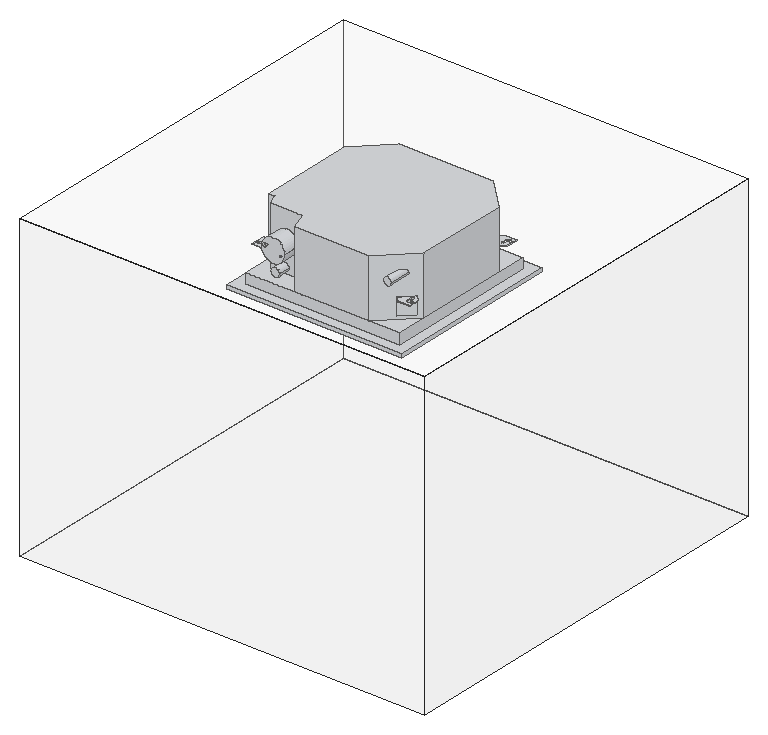
Revit family "pl-rp28_80ga7_60hz", category 機械設備, Revit 2019
Family settings
  丸型コネクタ寸法 = 直径を使用
  パーツ タイプ = 標準
  OmniClass 番号 = 23.75.10.24.21.27.27
  OmniClass タイトル = Split System Air Conditioning Units
  作業面ベース = いいえ
  常に垂直 = はい
  ロード時にボイドで切り取り = いいえ
  共有 = いいえ
  部屋計算ポイント = はい
Parameters (values of type "天井4方向_PL-RP80GA7")
  風量_静 (㎥/min) = 11
  風量_強 (㎥/min) = 15
  風量_弱 (㎥/min) = 12
  風量_中 (㎥/min) = 13.5
  風量 = MAX風量  # 900.0 m³/h
  音響パワーレベル(dB) = [音響パワーレベル_強 (dB)]  # 58
  音響パワーレベル_静 (dB) = 53
  音響パワーレベル_強 (dB) = 58
  音響パワーレベル_弱 (dB) = 54
  音響パワーレベル_中 (dB) = 56
  電源種別 = ""
  電源_H = 0 mm
  電圧 = 0 V
  電動機出力_送風機 = 0.05 kW
  運転質量 = 0.00 kg
  連動 = ""
  質量 = if(製品質量 > 運転質量, 製品質量, 運転質量) * 1.2  # 24.72 kg
  負荷分類 = 3_ファン類
  製品質量_本体 = 17.00 kg
  製品質量_パネル = 3.60 kg
  構成品番 = "PL-RP80GA7"
  ドレン管径 (外径) = 32 mm
  ドレン管径 = 25 mm
  サービススペース = yes
  【値が 0 の項目は組合せ形名にてご確認ください】 = ""
  URL = "https://www.mitsubishielectric.co.jp/ldg/wink/ssl/top.do"
  説明 = "店舗・事務所用パッケージエアコン(Mr.SLIM) [本体]4方向天井カセット形<コンパクトタイプ>"
  設計暖房能力 = 0.00 kW
  設計冷房能力_顕熱 = 0 kW
  設計冷房能力 = 0 kW
  設置方法 = "カセット形"
  記号 = ""
  製造元 = "三菱電機株式会社"
  製品質量 = 製品質量_本体 + 製品質量_パネル  # 20.60 kg
  製品出荷対象 = "国内"
  製品リリース年月 = ""
  製品グループ = ""
  系統 = ""
  符号 = "PAC-CK4"
  積算_科目 = "1 空気調和設備"
  積算_拾い区分 [instance] = ""
  相 = 1
  盤記号 = ""
  発停方法 = "付属スイッチ"
  特殊仕様 = ""
  火災停止 = ""
  消費電力_暖房 = 0.04 kW
  消費電力_冷房 = 0.04 kW
  消費電力 = if(消費電力_冷房 > 消費電力_暖房, 消費電力_冷房, 消費電力_暖房)  # 0.04 kW
  法定耐用年数 = "6"
  極数 = 1
  材質 = ""
  本体マテリアル = none
  有効加湿量 = 0
  暖房能力 = 8.00 kW
  推奨ブレーカー容量 = 0 A
  形式_加湿器 = ""
  形式 = "カセット形（4方向吹出形）"
  幹線記号 = ""
  始動方式 = "直入"
  呼称 = "パッケージ形空気調和機_室内機"
  周波数 = 60 Hz
  吊り位置Y = 507 mm
  吊り位置X = 640 mm
  吊りボルト_H = 134 mm
  台数_手元リモコン = ""
  台数_冷媒分岐ユニット = ""
  参照している仕様書等のバージョン = "公共建築工事標準仕様書（機械設備工事編）平成31年度版"
  加湿給水管径 = 0 mm
  分類コード = "5.0053E+13"
  分類グループ = ""
  冷房能力 = 7.1 kW
  冷媒高低圧ガス管径 = 0 mm
  冷媒管径符号 = "Bd"
  冷媒管径 = 100 mm
  冷媒液管高さ = 159 mm
  冷媒液管長さ = 75 mm
  冷媒液管径 = 9.5 mm
  冷媒ガス管高さ = 183 mm
  冷媒ガス管長さ = 80 mm
  冷媒ガス管径 = 15.9 mm
  企業コード = "108420"
  付属品_フィルター = ""
  付属品 = ""
  仕様書バージョン = "Version1.0"
  Model = ""
  パネルマテリアル = none
  ドレン管高さ = 227 mm
  コメント [instance] = ""
  ケーブル種類 = ""
  ケーブルサイズ = 0 mm
  Width = 670 mm
  Version = ""
  Uniclass2015Version = "Systems v1.9"
  Uniclass2015Title = "Split coil remote air cooled condensing units"
  Uniclass2015Code = "Pr_70_65_03_84"
  SpecificationReference = ""
  SpecificationDescription = ""
  Revision = ""
  ProductInformation = ""
  Panel Width = 760 mm
  Panel Height = 15 mm
  Panel Depth = 760 mm
  OmniClassCode = "23-33 17 13 11"
  MIN風量 = [風量_静 (㎥/min)] * 60.0 m³/h  # 660.0 m³/h
  MID風量2 = [風量_弱 (㎥/min)] * 60.0 m³/h  # 720.0 m³/h
  MID風量 = [風量_中 (㎥/min)] * 60.0 m³/h  # 810.0 m³/h
  MAX風量 = [風量_強 (㎥/min)] * 60.0 m³/h  # 900.0 m³/h
  IfcTypeProduct = ""
  IfcProduct = ""
  IfcExportType = "AIRCONDITIONINGUNIT"
  IfcExportAs = "IfcUnitaryEquipmentType"
  Height = 298 mm
  Depth = 670 mm
  価格 = 0
  Clearance Top = 305 mm
  Clearance Right = 500 mm
  Clearance Left = 500 mm
  Clearance Front = 500 mm
  Clearance Bottom = 1000 mm
  Clearance Back = 500 mm
  Author = "三菱電機株式会社"
Types (8, lengths in mm): name | 風量_静 (㎥/min) | 風量_強 (㎥/min) | 風量_弱 (㎥/min) | 風量_中 (㎥/min) | 風量 | 音響パワーレベル(dB) | 音響パワーレベル_静 (dB) | 音響パワーレベル_強 (dB) | 音響パワーレベル_弱 (dB) | 音響パワーレベル_中 (dB) | 構成品番 | URL | 消費電力_暖房 | 消費電力_冷房 | 消費電力 | 暖房能力 | 冷房能力 | 冷媒管径符号 | 冷媒液管長さ | 冷媒液管径 | 冷媒ガス管長さ | 冷媒ガス管径 | MIN風量 | MID風量2 | MID風量 | MAX風量
  天井4方向_PL-RP28GA7 | 6.3 | 8.7 | 7.1 | 7.8 | 522.0 m³/h | 50 | 47 | 50 | 48 | 49 | "PL-RP28GA7" | "https://www.mitsubishielectric.co.jp/ldg/wink/ssl/top.do\"\"" | 0.03 kW | 0.03 kW | 0.03 kW | 2.80 kW | 2.5 kW | "Ac" | 71 | 6.4 | 76 | 12.7 | 378.0 m³/h | 426.0 m³/h | 468.0 m³/h | 522.0 m³/h
  天井4方向_PL-RP40GA7 | 8.5 | 12 | 9 | 9.5 | 720.0 m³/h | 53 | 48 | 53 | 49 | 51 | "PL-RP40GA7" | "https://www.mitsubishielectric.co.jp/ldg/wink/ssl/top.do" | 0.03 kW | 0.03 kW | 0.03 kW | 4.00 kW | 3.6 kW | "Ac" | 71 | 6.4 | 76 | 12.7 | 510.0 m³/h | 540.0 m³/h | 570.0 m³/h | 720.0 m³/h
  天井4方向_PL-RP45GA7 | 8.5 | 12 | 9 | 9.5 | 720.0 m³/h | 53 | 48 | 53 | 49 | 51 | "PL-RP45GA7" | "https://www.mitsubishielectric.co.jp/ldg/wink/ssl/top.do" | 0.03 kW | 0.03 kW | 0.03 kW | 4.50 kW | 4 kW | "Ac" | 71 | 6.4 | 76 | 12.7 | 510.0 m³/h | 540.0 m³/h | 570.0 m³/h | 720.0 m³/h
  天井4方向_PL-RP50GA7 | 9.5 | 12.5 | 10 | 12 | 750.0 m³/h | 54 | 49 | 54 | 50 | 53 | "PL-RP50GA7" | "https://www.mitsubishielectric.co.jp/ldg/wink/ssl/top.do" | 0.03 kW | 0.03 kW | 0.03 kW | 5.00 kW | 4.5 kW | "Ac" | 71 | 6.4 | 76 | 12.7 | 570.0 m³/h | 600.0 m³/h | 720.0 m³/h | 750.0 m³/h
  天井4方向_PL-RP56GA7 | 9.5 | 14 | 10 | 12.5 | 840.0 m³/h | 56 | 49 | 56 | 50 | 54 | "PL-RP56GA7" | "https://www.mitsubishielectric.co.jp/ldg/wink/ssl/top.do" | 0.03 kW | 0.03 kW | 0.03 kW | 5.60 kW | 5 kW | "Ac" | 71 | 6.4 | 76 | 12.7 | 570.0 m³/h | 600.0 m³/h | 750.0 m³/h | 840.0 m³/h
  天井4方向_PL-RP63GA7 | 10 | 14.5 | 11.5 | 13 | 870.0 m³/h | 57 | 50 | 57 | 53 | 55 | "PL-RP63GA7" | "https://www.mitsubishielectric.co.jp/ldg/wink/ssl/top.do" | 0.04 kW | 0.04 kW | 0.04 kW | 6.30 kW | 5.6 kW | "Ac" | 71 | 6.4 | 76 | 12.7 | 600.0 m³/h | 690.0 m³/h | 780.0 m³/h | 870.0 m³/h
  天井4方向_PL-RP71GA7 | 11 | 15 | 12 | 13.5 | 900.0 m³/h | 58 | 53 | 58 | 54 | 56 | "PL-RP71GA7" | "https://www.mitsubishielectric.co.jp/ldg/wink/ssl/top.do" | 0.04 kW | 0.04 kW | 0.04 kW | 7.10 kW | 6.3 kW | "Bd" | 75 | 9.5 | 80 | 15.9 | 660.0 m³/h | 720.0 m³/h | 810.0 m³/h | 900.0 m³/h
  天井4方向_PL-RP80GA7 | 11 | 15 | 12 | 13.5 | 900.0 m³/h | 58 | 53 | 58 | 54 | 56 | "PL-RP80GA7" | "https://www.mitsubishielectric.co.jp/ldg/wink/ssl/top.do" | 0.04 kW | 0.04 kW | 0.04 kW | 8.00 kW | 7.1 kW | "Bd" | 75 | 9.5 | 80 | 15.9 | 660.0 m³/h | 720.0 m³/h | 810.0 m³/h | 900.0 m³/h
Reference planes
  plane 1 "中心(正面/背面)": y = 0
  plane 2: z = 0
  plane 3 "中心(左/右)": x = 0
  plane 4: x = -380
  plane 5: x = 380
  plane 6: y = 380
  plane 7: y = -380
  plane 8: z = 298
  plane 9: z = 305
  plane 10: x = -320
  plane 11: x = 320
  plane 12: y = 253.5
  plane 13: y = -253.5
  plane 14: z = 46
  plane 15: y = 335
  plane 16: y = -335
  plane 17: x = -335
  plane 18: x = 335
  plane 19: x = -880
  plane 20: x = 880
  plane 21: y = 880
  plane 22: y = -880
  plane 23: z = 298
  plane 24: z = -15
  plane 25: z = -1015
  plane 26: z = 305
  plane 27 "冷媒管基準面": y = -255
  plane 28: x = -186
  plane 29: z = 159
  plane 30: y = -335
  plane 31: y = -330
Forms (mm)
  Extrusion 1, solid, detail levels fine
    sketch origin (0, -255, 15) x (1, 0, 0) y (0, 0, 1)
      loop
        circle (-186, 144) r 3.175
    from 0 to 75
  Extrusion 2, solid, detail levels fine
    sketch origin (-67, -255, 39) x (1, 0, 0) y (0, 0, 1)
      loop
        circle (-186, 144) r 6.35
    from 0 to 80
Dimensions and locks
  equal spacing: plane 4, plane 3 "中心(左/右)", plane 5
  plane 4 to plane 5 = 760 mm
  equal spacing: plane 7, plane 1 "中心(正面/背面)", plane 6
  plane 7 to plane 6 = 760 mm
  locked: plane 12 to plane 6 at 126.5
  plane 7 to plane 13 = 126.5 mm
  plane 4 to plane 10 = 60 mm
  locked: plane 11 to plane 5 at 60
  "吊り位置X": plane 10 to plane 11
  equal spacing: plane 10, plane 3 "中心(左/右)", plane 11
  equal spacing: plane 13, plane 1 "中心(正面/背面)", plane 12
  "吊り位置Y": plane 13 to plane 12
  equal spacing: plane 16, plane 1 "中心(正面/背面)", plane 15
  "Depth": plane 16 to plane 15
  equal spacing: plane 17, plane 3 "中心(左/右)", plane 18
  "Width": plane 17 to plane 18
  locked: plane 14 to level at 46
  "Clearance Left": plane 19 to plane 4
  "Clearance Right": plane 5 to plane 20
  "Clearance Back": plane 6 to plane 21
  locked: level to plane 24 at 15
  "Clearance Bottom": plane 24 to plane 25
  "Clearance Front": plane 22 to plane 7
  "Clearance Top": plane 26 to plane 2
  "Height": level to nested 3
  plane 29 to plane 2 = 159 mm
  nested 3 to level = 134 mm
  "冷媒液管長さ": plane 31 to plane 27 "冷媒管基準面"
  "冷媒ガス管長さ": plane 30 to plane 27 "冷媒管基準面"
  aligned and locked: level to plane 2
  aligned and locked: plane 10 to nested 2
  aligned and locked: plane 11 to nested 2
  aligned and locked: nested 2 to plane 12
  aligned and locked: plane 13 to nested 2
  aligned and locked: plane 19 to nested 1
  aligned and locked: plane 20 to nested 1
  aligned and locked: plane 22 to nested 1
  aligned and locked: plane 21 to nested 1
  aligned and locked: plane 25 to nested 1
  aligned and locked: plane 5 to nested 3
  aligned and locked: plane 15 to nested 3
  aligned and locked: plane 6 to nested 3
  aligned and locked: plane 7 to nested 3
  aligned and locked: plane 26 to nested 1
  aligned and locked: plane 31 to Extrusion 1
  aligned and locked: plane 30 to Extrusion 2
Automatic sketch dimensions
  Extrusion 1 sketch curve to plane 28 = 0 mm
  Extrusion 1 sketch curve to plane 29 = 0 mm
  plane 29 to Extrusion 2 sketch curve = 24 mm
  plane 10 to Extrusion 2 sketch curve = 67 mm
  radius of Extrusion 1 sketch curve = 3.175 mm
  radius of Extrusion 2 sketch curve = 6.35 mm
Nested families
  nested 1: "サービススペース" at (0, 0, -355), visible <- "サービススペース", type "サービススペース", detail levels fine
    with Width 1760 mm, Height 1320 mm, Depth 1760 mm
  nested 2: "固定点" at (-320, -253.5, 0), type "固定点"
    with W 640 mm, D 507 mm
  nested 3: "PL-RP_GA" at (0, 0, 0), type "PL-RP_GA"
    with ユニット表示 yes, 液配管サイズ 9.5 mm, 冷媒液管径-Y 75 mm, 冷媒ガス管径-Y 80 mm, ガス配管サイズ 15.9 mm
Connectors
  piping at (-219.5, -330, 171), diameter 100, driven by "冷媒管径", driven by "冷媒管径符号"
    settings: on nested 3, index 1, connector inside diameter 609.6 mm, connector length 0 mm, flow factor 0, pipe flow 0.0 L/s, pressure drop 0.0 Pa, fitting loss kfactor 0, connector angle 0.00°, fixture units 0, engagement length 0 mm, angle of deflection 0.00°, flow configuration 1, flow direction 1, fitting loss method 4, system type 7, joint type 0, gender type 0, connector reference index -1, connector utility 0, adjustable connector no, is connector primary yes, connector description "Bd"
  piping at (281, -332, 227), diameter 25, driven by "ドレン管径"
    settings: on nested 3, index 2, connector inside diameter 609.6 mm, connector length 0 mm, flow factor 0, pipe flow 0.0 L/s, pressure drop 0.0 Pa, fitting loss kfactor 0, connector angle 0.00°, fixture units 0, engagement length 0 mm, angle of deflection 0.00°, flow configuration 1, flow direction 2, fitting loss method 4, system type 16, joint type 0, gender type 0, connector reference index -1, connector utility 0, adjustable connector no, is connector primary no, connector description ""
  electrical at (-230, -305, 70), driven by "極数", driven by "負荷分類", driven by "電圧", driven by "消費電力"
    settings: on nested 3, index 3, voltage 0 V, apparent load 40 VA, apparent load phase1 0 VA, apparent load phase2 0 VA, apparent load phase3 0 VA, power factor 1, load classification "3_ファン類", number of poles 1, system type 30, power factor state 1, is connector primary yes, connector utility no, sub classification motor no, connector description ""
Definition of nested family "サービススペース"
  Parameters (values of type "サービススペース")
    Width [instance] = 500 mm
    Height [instance] = 500 mm
    Depth [instance] = 500 mm
  Reference planes
    plane 1 "中心(正面/背面)": y = 0
    plane 2: z = 0
    plane 3 "中心(左/右)": x = 0
    plane 4: y = -250
    plane 5: x = 250
    plane 6: y = 250
    plane 7: x = -250
    plane 8: z = 250
    plane 9: z = -250
  Forms (mm)
    Extrusion 1, solid
      sketch origin (-638.939, 0, 72.39) x (1, 0, 0) y (0, 1, 0)
        loop
          line (388.939, 250) -> (388.939, -250) -> (888.939, -250) -> (888.939, 250) -> (388.939, 250)
      from -322.39 to 177.61
  Lines and regions (mm)
    symbolic lines
      curve 1: line (-250, 0, 250) -> (250, 0, 250)
      curve 2: line (-250, 0, -250) -> (-250, 0, 250)
      curve 3: line (250, 0, -250) -> (-250, 0, -250)
      curve 4: line (250, 0, 250) -> (250, 0, -250)
      curve 5: line (0, -250, 250) -> (0, 250, 250)
      curve 6: line (0, -250, -250) -> (0, -250, 250)
      curve 7: line (0, 250, -250) -> (0, -250, -250)
      curve 8: line (0, 250, 250) -> (0, 250, -250)
      curve 9: line (-250, 250, 0) -> (250, 250, 0)
      curve 10: line (-250, -250, 0) -> (-250, 250, 0)
      curve 11: line (250, -250, 0) -> (-250, -250, 0)
      curve 12: line (250, 250, 0) -> (250, -250, 0)
  Dimensions and locks
    equal spacing: plane 7, plane 3 "中心(左/右)", plane 5
    equal spacing: plane 4, plane 1 "中心(正面/背面)", plane 6
    "Depth": plane 4 to plane 6
    "Width": plane 7 to plane 5
    equal spacing: plane 8, plane 2, plane 9
    "Height": plane 8 to plane 9
    aligned and locked: plane 9 to curve 3
    aligned and locked: plane 7 to curve 2
    aligned and locked: curve 4 to plane 5
    aligned and locked: plane 5 to Extrusion 1
    aligned and locked: Extrusion 1 to plane 7
    aligned and locked: Extrusion 1 to plane 9
    aligned and locked: plane 8 to Extrusion 1
    aligned and locked: plane 9 to curve 7
  Automatic sketch dimensions
    plane 4 to Extrusion 1 sketch curve = 0 mm
    Extrusion 1 sketch curve to plane 7 = 0 mm
    Extrusion 1 sketch curve to plane 5 = 0 mm
    plane 6 to Extrusion 1 sketch curve = 0 mm
    curve 2 to plane 8 = 0 mm
    plane 4 to curve 11 = 0 mm
    curve 11 to plane 7 = 0 mm
    curve 11 to plane 5 = 0 mm
    plane 6 to curve 10 = 0 mm
    curve 7 to plane 4 = 0 mm
    curve 7 to plane 6 = 0 mm
    curve 6 to plane 8 = 0 mm
Definition of nested family "PL-RP_GA"
  Parameters (values of type "PL-RP○○GA3")
    配線取出口サイズ = 36 mm
    配線取出口-Z = 70 mm
    配線取出口-Y = 50 mm
    配線取出口-X = 230 mm
    液配管サイズ = 6.4 mm
    A = 幅さ + 90 mm  # 760 mm
    高さ = 298 mm
    奥行き = 670 mm
    吊りボルト_H = 134 mm
    冷媒配管 = 100 mm
    冷媒液管径-Z = 159 mm
    冷媒液管径-Y = 71 mm
    冷媒液管径-X = 186 mm
    冷媒ガス管径-Z = 183 mm
    冷媒ガス管径-Y = 76 mm
    冷媒ガス管径-X = 253 mm
    ユニット表示 [instance] = yes
    ボルトピッチ = 507 mm
    ドレン配管サイズ = 32 mm
    ドレン管径-Z = 227 mm
    ドレン管径-Y = 77 mm
    ドレン管径-X = 281 mm
    ガス配管サイズ = 12.7 mm
    D = 幅さ - 30 mm  # 640 mm
    幅さ = 670 mm
    B = 幅さ + 40 mm  # 710 mm
  Reference planes
    plane 1 "中心(正面/背面)": y = 0
    plane 2: z = 0
    plane 3 "中心(左/右)": x = 0
    plane 4: x = -355
    plane 5: x = 355
    plane 6: x = -335
    plane 7: x = 335
    plane 8: x = -320
    plane 9: x = 320
    plane 10: y = 253.5
    plane 11: y = -253.5
    plane 12: y = 335
    plane 13: y = -335
    plane 14: x = -380
    plane 15: x = 380
    plane 16: z = -15
    plane 17: z = 46
    plane 18: z = 298
    plane 19: z = 134
    plane 20: z = 136
    plane 21: z = 227
    plane 22: z = 159
    plane 23: z = 183
    plane 24: z = 60
    plane 25: y = 380
    plane 26: y = -380
    plane 27: x = -253
    plane 28: x = -150
    plane 29: x = -123
    plane 30: x = -186
    plane 31: x = 281
    plane 32: x = 202
    plane 33: y = -255
    plane 34: y = -207
    plane 35: y = -331
    plane 36: y = -326
    plane 37 "ドレン管接続口": y = -332
    plane 38: y = -202
    plane 39: y = 291.5
    plane 40: y = 275.5
    plane 41: y = 263.5
    plane 42: x = -326
    plane 43: x = -314
    plane 44: x = -343
    plane 45: x = 314
    plane 46: x = 326
    plane 47: x = 343
    plane 48: y = -291.5
    plane 49: y = -275.5
    plane 50: y = -263.5
    plane 51: x = -230
    plane 52: y = 202
    plane 53: x = -202
    plane 54: z = 70
    plane 55: y = -305
  Forms (mm)
    Extrusion 1, solid, visible <- "ユニット表示"
      sketch origin (0, 0, 0) x (1, 0, 0) y (0, 1, 0)
        loop
          line (-380, 380) -> (-380, -380) -> (380, -380) -> (380, 380) -> (-380, 380)
      from -15 to 0
    Extrusion 2, solid, visible <- "ユニット表示", detail levels fine
      sketch origin (0, 0, 0) x (1, 0, 0) y (0, 1, 0)
        loop
          line (-203.39, 335) -> (-335, 203.39) -> (-335, -207) -> (-309.258, -207) -> (-288.883, -255) -> (-150, -255) -> (-123.033, -335) -> (202, -335) -> (335, -202) -> (335, 203.39) -> (203.39, 335) -> (-203.39, 335)
      from 46 to 298
    Extrusion 3, solid, visible <- "ユニット表示", detail levels fine
      sketch origin (0, 0, 0) x (1, 0, 0) y (0, 1, 0)
        loop
          line (335, 335) -> (-335, 335) -> (-335, -335) -> (335, -335) -> (335, 335)
      from 0 to 46
    Extrusion 4, solid, visible <- "ユニット表示", detail levels fine
      sketch origin (0, 0, 0) x (1, 0, 0) y (0, 0, 1)
        loop
          circle (-219.5, 171) r 50
      from 255 to 326
    Extrusion 5, solid, visible <- "ユニット表示", detail levels fine
      sketch origin (0, 0, 0) x (1, 0, 0) y (0, 1, 0)
        loop
          line (-343, -291.5) -> (-300.314, -291.5) -> (-290.686, -250.751) -> (-306.998, -212.324) -> (-343, -227.606) -> (-343, -263.5) -> (-329, -263.5)
          arc (-329, -263.5) -> (-326.879, -262.621) -> (-326, -260.5) r 3
          line (-326, -260.5) -> (-326, -249.5)
          arc (-326, -249.5) -> (-320, -243.5) -> (-314, -249.5) r 6
          line (-314, -249.5) -> (-314, -269.478)
          arc (-314, -269.478) -> (-315.757, -273.721) -> (-320, -275.5) r 6
          line (-320, -275.5) -> (-343, -275.5) -> (-343, -291.5)
        loop
          line (-343, 275.5) -> (-320, 275.5)
          arc (-320, 275.5) -> (-315.757, 273.743) -> (-314, 269.5) r 6
          line (-314, 269.5) -> (-314, 249.5)
          arc (-314, 249.5) -> (-320, 243.5) -> (-326, 249.5) r 6
          line (-326, 249.5) -> (-326, 260.5)
          arc (-326, 260.5) -> (-326.879, 262.621) -> (-329, 263.5) r 3
          line (-329, 263.5) -> (-343, 263.5) -> (-343, 244.959) -> (-318.215, 220.175) -> (-270.214, 268.176) -> (-293.539, 291.5) -> (-343, 291.5) -> (-343, 275.5)
        loop
          line (343, 291.5) -> (293.539, 291.5) -> (270.214, 268.176) -> (318.215, 220.175) -> (343, 244.959) -> (343, 263.5) -> (329, 263.5)
          arc (329, 263.5) -> (326.879, 262.621) -> (326, 260.5) r 3
          line (326, 260.5) -> (326, 249.5)
          arc (326, 249.5) -> (320, 243.5) -> (314, 249.5) r 6
          line (314, 249.5) -> (314, 269.5)
          arc (314, 269.5) -> (315.757, 273.743) -> (320, 275.5) r 6
          line (320, 275.5) -> (343, 275.5) -> (343, 291.5)
        loop
          line (293.539, -291.5) -> (343, -291.5) -> (343, -275.5) -> (320, -275.5)
          arc (320, -275.5) -> (315.757, -273.743) -> (314, -269.5) r 6
          line (314, -269.5) -> (314, -249.5)
          arc (314, -249.5) -> (320, -243.5) -> (326, -249.5) r 6
          line (326, -249.5) -> (326, -260.5)
          arc (326, -260.5) -> (326.879, -262.621) -> (329, -263.5) r 3
          line (329, -263.5) -> (343, -263.5) -> (343, -244.959) -> (317.52, -219.48) -> (269.519, -267.481) -> (293.539, -291.5)
      from 134 to 136
    Extrusion 6, solid, visible <- "ユニット表示", detail levels fine
      sketch origin (0, 0, 0) x (1, 0, 0) y (0, 1, 0)
        loop
          line (-306.998, -212.324) -> (-308.839, -213.105) -> (-291.463, -254.04) -> (-289.622, -253.258) -> (-306.998, -212.324)
        loop
          line (-271.629, 269.59) -> (-319.63, 221.589) -> (-318.245, 220.204) -> (-270.244, 268.205) -> (-271.629, 269.59)
        loop
          line (271.629, 269.59) -> (270.244, 268.205) -> (318.245, 220.204) -> (319.63, 221.589) -> (271.629, 269.59)
        loop
          line (270.934, -268.895) -> (318.935, -220.894) -> (317.52, -219.48) -> (269.519, -267.481) -> (270.934, -268.895)
      from 60 to 136
    Extrusion 7, solid, visible <- "ユニット表示", detail levels fine
      sketch origin (0, 0, 0) x (1, 0, 0) y (0, 0, 1)
        loop
          circle (-230, 70) r 18
      from 255 to 305
    Extrusion 8, solid, detail levels fine
      sketch origin (0, -332, 0) x (-1, 0, 0) y (0, 0, 1)
        loop
          circle (-281, 227) r 16
      from 0 to 100
  Cuts and joins
    joined: Extrusion 5, Extrusion 6
  Dimensions and locks
    equal spacing: plane 4, plane 3 "中心(左/右)", plane 5
    "B": plane 4 to plane 5
    equal spacing: plane 6, plane 3 "中心(左/右)", plane 7
    "幅さ": plane 6 to plane 7
    equal spacing: plane 8, plane 3 "中心(左/右)", plane 9
    "D": plane 8 to plane 9
    equal spacing: plane 11, plane 1 "中心(正面/背面)", plane 10
    "ボルトピッチ": plane 10 to plane 11
    equal spacing: plane 12, plane 1 "中心(正面/背面)", plane 13
    "奥行き": plane 12 to plane 13
    "A": plane 14 to plane 15
    equal spacing: plane 14, plane 3 "中心(左/右)", plane 15
    locked: plane 2 to plane 16 at 15
    locked: plane 17 to plane 2 at 46
    "吊りボルト_H": plane 19 to level
    locked: plane 20 to plane 19 at 2
    "ドレン管径-Z": plane 21 to level
    "冷媒液管径-Z": plane 22 to level
    "冷媒ガス管径-Z": plane 23 to level
    plane 24 to level = 60 mm
    equal spacing: plane 25, plane 1 "中心(正面/背面)", plane 26
    "A": plane 25 to plane 26
    locked: plane 6 to plane 28 at 185
    locked: plane 6 to plane 29 at 212
    locked: plane 32 to plane 7 at 133
    "冷媒ガス管径-X": plane 27 to plane 3 "中心(左/右)"
    "冷媒液管径-X": plane 30 to plane 3 "中心(左/右)"
    "ドレン管径-X": plane 3 "中心(左/右)" to plane 31
    locked: plane 33 to plane 13 at 80
    locked: plane 34 to plane 13 at 128
    "冷媒ガス管径-Y": plane 33 to plane 35
    "冷媒液管径-Y": plane 33 to plane 36
    "ドレン管径-Y": plane 33 to plane 37 "ドレン管接続口"
    locked: plane 38 to plane 13 at 133
    equal spacing: plane 30, Extrusion 4 sketch curve, plane 27
    equal spacing: plane 23, Extrusion 4 sketch curve, plane 22
    locked: plane 44 to plane 8 at 23
    plane 42 to plane 8 to plane 43 = 6 mm locked, 6 mm locked
    locked: plane 9 to plane 47 at 23
    plane 45 to plane 9 to plane 46 = 6 mm locked, 6 mm locked
    plane 11 to plane 50 to plane 49 to plane 48 = 10 mm locked, 12 mm locked, 16 mm locked
    plane 39 to plane 40 to plane 41 to plane 10 = 16 mm locked, 12 mm locked, 10 mm locked
    locked: Extrusion 5 sketch curve to plane 11 at 4  (x2)
    locked: plane 10 to Extrusion 5 sketch curve at 4  (x2)
    "配線取出口-X": plane 51 to plane 3 "中心(左/右)"
    "配線取出口-Z": plane 54 to level
    "配線取出口-Y": plane 33 to plane 55
    locked: cut or joined group of Extrusion 5, Extrusion 6 to Extrusion 6 sketch curve at 2
    locked: Extrusion 6 sketch curve to Extrusion 2 at 2  (x3)
    "高さ": plane 18 to level
    "冷媒配管": diameter of Extrusion 4 sketch curve
    radius of Extrusion 5 sketch curve = 6 mm  (x8)
    radius of Extrusion 5 sketch curve = 3 mm  (x4)
    "配線取出口サイズ": diameter of Extrusion 7 sketch curve
    aligned and locked: level to plane 2
    aligned and locked: Extrusion 1 sketch curve to plane 25
    aligned and locked: plane 14 to Extrusion 1 sketch curve
    aligned and locked: plane 26 to Extrusion 1 sketch curve
    aligned and locked: Extrusion 1 sketch curve to plane 15
    aligned and locked: level to Extrusion 1
    aligned and locked: Extrusion 1 to plane 16
    aligned and locked: plane 18 to Extrusion 2
    aligned and locked: Extrusion 2 to plane 17
    aligned and locked: Extrusion 3 sketch curve to plane 7
    aligned and locked: Extrusion 3 sketch curve to plane 13
    aligned and locked: Extrusion 3 sketch curve to plane 6
    aligned and locked: Extrusion 3 sketch curve to plane 12
    aligned and locked: Extrusion 3 to level
    aligned and locked: plane 17 to Extrusion 3
    aligned and locked: plane 28 to Extrusion 2 sketch curve
    aligned and locked: plane 34 to Extrusion 2 sketch curve
    aligned and locked: Extrusion 2 sketch curve to plane 13
    aligned and locked: Extrusion 2 sketch curve to plane 7
    aligned and locked: Extrusion 2 sketch curve to plane 12
    aligned and locked: Extrusion 2 sketch curve to plane 6
    aligned and locked: plane 7 to Extrusion 2 sketch curve
    aligned and locked: plane 38 to Extrusion 2 sketch curve
    aligned and locked: plane 32 to Extrusion 2 sketch curve
    aligned and locked: plane 13 to Extrusion 2 sketch curve
    aligned and locked: plane 44 to Extrusion 5 sketch curve  (x2)
    aligned and locked: Extrusion 5 sketch curve to plane 50
    aligned and locked: plane 49 to Extrusion 5 sketch curve
    aligned and locked: Extrusion 5 sketch curve to plane 48
    aligned and locked: plane 43 to Extrusion 5 sketch curve
    aligned and locked: plane 42 to Extrusion 5 sketch curve  (x2)
    aligned and locked: Extrusion 6 to plane 24
    aligned and locked: plane 20 to Extrusion 6
    aligned and locked: plane 39 to Extrusion 5 sketch curve  (x2)
    aligned and locked: Extrusion 5 sketch curve to plane 44  (x2)
    aligned and locked: plane 41 to Extrusion 5 sketch curve  (x2)
    aligned and locked: Extrusion 5 sketch curve to plane 40  (x2)
    aligned and locked: Extrusion 5 sketch curve to plane 43
    aligned and locked: Extrusion 5 sketch curve to Extrusion 2  (x3)
    aligned and locked: plane 47 to Extrusion 5 sketch curve  (x4)
    aligned and locked: plane 45 to Extrusion 5 sketch curve  (x2)
    aligned and locked: Extrusion 5 sketch curve to plane 46  (x2)
    aligned and locked: plane 50 to Extrusion 5 sketch curve
    aligned and locked: plane 48 to Extrusion 5 sketch curve
    aligned and locked: Extrusion 5 sketch curve to plane 49
    aligned and locked: plane 51 to Extrusion 7 sketch curve
    aligned and locked: plane 54 to Extrusion 7 sketch curve
    aligned and locked: Extrusion 7 to Extrusion 2
    aligned and locked: plane 55 to Extrusion 7
    aligned and locked: cut or joined group of Extrusion 5, Extrusion 6 to cut or joined group of Extrusion 5, Extrusion 6  (x2)
    aligned and locked: Extrusion 6 sketch curve to cut or joined group of Extrusion 5, Extrusion 6  (x3)
    aligned and locked: cut or joined group of Extrusion 5, Extrusion 6 to Extrusion 6 sketch curve  (x2)
    aligned and locked: Extrusion 2 to Extrusion 6 sketch curve
    aligned and locked: cut or joined group of Extrusion 5, Extrusion 6 to plane 19
    aligned and locked: plane 20 to cut or joined group of Extrusion 5, Extrusion 6
    aligned and locked: Extrusion 4 to plane 36
  Automatic sketch dimensions
    Extrusion 2 sketch curve to plane 33 = 0 mm
    plane 43 to Extrusion 2 sketch curve = 4.742 mm
    plane 43 to Extrusion 2 sketch curve = 25.117 mm
    Extrusion 2 sketch curve to plane 30 = 17.39 mm
    Extrusion 2 sketch curve to plane 29 = 0.033 mm
    plane 32 to Extrusion 2 sketch curve = 1.39 mm
    Extrusion 2 sketch curve to plane 10 = 50.11 mm  (x2)
    Extrusion 5 sketch curve to plane 8 = 0 mm
    Extrusion 5 sketch curve to plane 8 = 13.002 mm
    Extrusion 5 sketch curve to plane 43 = 13.686 mm
    plane 50 to Extrusion 5 sketch curve = 12.749 mm
    Extrusion 5 sketch curve to Extrusion 5 sketch curve = 9.627 mm
    Extrusion 5 sketch curve to plane 50 = 5.978 mm
    plane 34 to Extrusion 5 sketch curve = 20.606 mm
    plane 8 to Extrusion 6 sketch curve = 1.755 mm
    Extrusion 6 sketch curve to plane 11 = 0.54 mm
    Extrusion 6 sketch curve to Extrusion 6 sketch curve = 1.385 mm
    Extrusion 6 sketch curve to plane 49 = 6.605 mm
    Extrusion 6 sketch curve to plane 9 = 2.48 mm
    Extrusion 6 sketch curve to Extrusion 6 sketch curve = 1.414 mm
    Extrusion 5 sketch curve to plane 8 = 1.785 mm
    Extrusion 5 sketch curve to plane 41 = 4.676 mm  (x2)
    plane 9 to Extrusion 5 sketch curve = 1.785 mm
    Extrusion 5 sketch curve to plane 50 = 3.981 mm
    plane 9 to Extrusion 5 sketch curve = 2.48 mm
    Extrusion 8 sketch curve to plane 21 = 0 mm
    Extrusion 8 sketch curve to plane 31 = 0 mm
    radius of Extrusion 8 sketch curve = 16 mm
Definition of nested family "固定点"
  Parameters (values of type "固定点")
    中心円 = 20 mm
    W [instance] = 1000 mm
    D [instance] = 1000 mm
  Reference planes
    plane 1 "中心(正面/背面)": y = 0
    plane 2: z = 0
    plane 3 "中心(左/右)": x = 0
    plane 4: x = 1000
    plane 5: y = 1000
  Lines and regions (mm)
    symbolic lines, detail levels fine
      curve 1: circle (0, 1000, 0) r 10 normal (0, 0, 1)
      curve 2: circle (0, 0, 0) r 10 normal (0, 0, 1)
      curve 3: circle (1000, 1000, 0) r 10 normal (0, 0, 1)
      curve 4: circle (1000, 0, 0) r 10 normal (0, 0, 1)
      curve 5: line (-200, 1000, 0) -> (1200, 1000, 0)
      curve 6: line (-200, 0, 0) -> (1200, 0, 0)
      curve 7: line (0, 1200, 0) -> (0, -200, 0)
      curve 8: line (1000, 1200, 0) -> (1000, -200, 0)
  Dimensions and locks
    "W": plane 3 "中心(左/右)" to plane 4
    "D": plane 1 "中心(正面/背面)" to plane 5
    "中心円": diameter of curve 1
    "中心円": diameter of curve 2
    "中心円": diameter of curve 3
    "中心円": diameter of curve 4
    aligned and locked: level to plane 2
    aligned and locked: plane 5 to curve 1
    aligned and locked: plane 3 "中心(左/右)" to curve 1
    aligned and locked: plane 3 "中心(左/右)" to curve 2
    aligned and locked: plane 1 "中心(正面/背面)" to curve 2
    aligned and locked: plane 4 to curve 3
    aligned and locked: plane 5 to curve 3
    aligned and locked: plane 1 "中心(正面/背面)" to curve 4
    aligned and locked: plane 4 to curve 4
    aligned and locked: plane 1 "中心(正面/背面)" to curve 6
    aligned and locked: curve 7 to plane 3 "中心(左/右)"
    aligned and locked: curve 8 to plane 4
  Automatic sketch dimensions
    curve 5 to plane 5 = 0 mm
    curve 6 to plane 3 "中心(左/右)" = 200 mm
    curve 5 to plane 3 "中心(左/右)" = 200 mm
    curve 4 to curve 6 = 200 mm
    curve 3 to curve 5 = 200 mm
    plane 1 "中心(正面/背面)" to curve 8 = 200 mm
    plane 1 "中心(正面/背面)" to curve 7 = 200 mm
    curve 3 to curve 8 = 200 mm
    curve 1 to curve 7 = 200 mm
